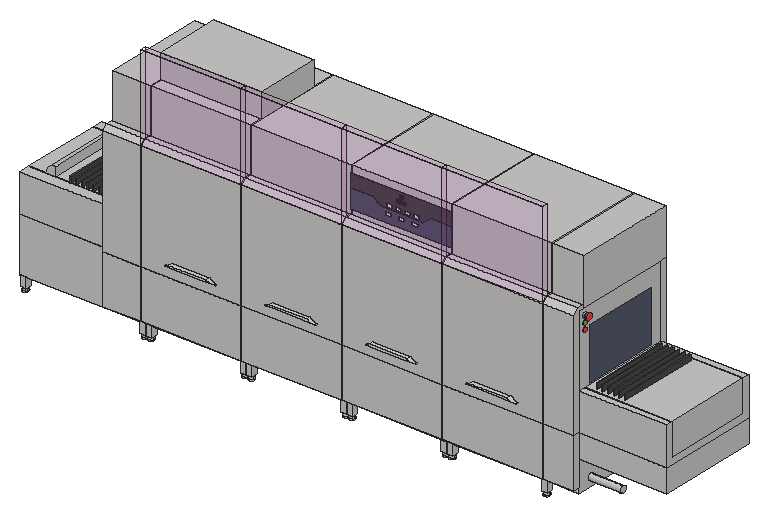
Revit family "QF_ELECTROLUXPROFESSIONAL_520712_EFTD064EL2U1D1M5R385", category Attrezzature speciali, Revit 2020
Family settings
  Quota connettore circolare = Usa diametro
  Tipo di parte = Normale
  Basato su piano di lavoro = No
  Sempre verticale = Sì
  Taglio con vuoti quando caricato = No
  Condiviso = No
  Punto di calcolo locali = No
Parameters (values of type "Standard")
  Weight = 1100.00 kg
  Watts = 48500 W
  Volts = 380 V
  URL Manufacturer = "https://www.electroluxprofessional.com/"
  URL = "https://www.electroluxprofessional.com/"
  Steam Supply Size = 0 mm
  Steam Supply Minimum Pressure = 0.0 Pa
  Steam Supply Maximum Pressure = 0.0 Pa
  Steam Consumption per Hour = 0
  Show Logo [instance] = yes
  Show Clearance [instance] = yes
  Refrigeration Suction Line Size = 0 mm
  Refrigeration Liquid Line Size = 0 mm
  Refrigerant Compressor Remote = yes
  Prospetto di default = 0 mm
  Produttore = "Electrolux Professional"
  Phase = 3
  Modello = "EFTD064EL2U1D1M5R385"
  Length Actual = 5150 mm  # constant formula
  Item Number = "520712"
  Hot Water Size = 0 mm
  Height Actual = 1983 mm  # constant formula
  HP = "65 HP"
  Gas Size = 0 mm
  Gas KW = 0
  Gas Input Pressure = 0 W
  Direct Waste Size = 50.8 mm
  Descrizione = "FT, EFT,2Tanks, 6400D/H, El., 950mm loading, 1000mm unloading, 1Dryer, 55mm conveyor,R>L,380V50Hz3P"
  Depth Actual = 946 mm  # constant formula
  Cycle = 50 Hz
  Condensate Return Size = 0 mm
  Compressed Air Volume = 0.0 L/s
  Compressed Air Size = 0 mm
  Compressed Air Pressure = 0.0 Pa
  Cold Water Size = 0 mm
  Accessory = yes
Reference planes
  plane 1 "Centro (Fronte/Retro)": y = 0
  plane 2: z = 0
  plane 3 "Centro (Sinistra/Destra)": x = 0
  plane 4: z = 115
Forms (mm)
  Extrusion 1, solid, material "QF_Finishes_Stainless Steel"
    sketch origin (2282.404, 2, 1806.023) x (1, 0, 0) y (0, 0, 1)
      loop
        line (407.596, -163.023) -> (407.596, -183.023) -> (427.596, -183.023) -> (427.596, -163.023) -> (407.596, -163.023)
    from 0 to 2
  Extrusion 2, solid, material "QF_Finishes_Stainless Steel"
    sketch origin (-5.617, 22.464, 1290.159) x (0, 0, -1) y (0, 1, 0)
      loop
        circle (1102.159, -772.464) r 25
    from -9.383 to 5.617
  Extrusion 3, solid, material "QF_Finishes_Stainless Steel"
    sketch origin (2942.404, 2, 337.984) x (1, 0, 0) y (0, 0, 1)
      loop
        line (407.596, -163.023) -> (407.596, -183.023) -> (427.596, -183.023) -> (427.596, -163.023) -> (407.596, -163.023)
    from 0 to 2
  Extrusion 4, solid, material "QF_Finishes_Stainless Steel"
    sketch origin (347.841, 200.464, 109.383) x (1, 0, 0) y (0, 1, 0)
      loop
        circle (1102.159, -772.464) r 10
    from -9.383 to 5.617
  Extrusion 5, solid, material "QF_Finishes_Stainless Steel"
    sketch origin (418.841, 200.464, 109.383) x (1, 0, 0) y (0, 1, 0)
      loop
        circle (1102.159, -772.464) r 10
    from -9.383 to 5.617
  Extrusion 6, solid, material "QF_Finishes_Stainless Steel"
    sketch origin (4705.617, -1522.464, 1290.159) x (0, 0, -1) y (0, -1, 0)
      loop
        circle (1102.159, -772.464) r 25
    from -9.383 to 255.617
Dimensions and locks
  plane 4 to level = 115 mm
  aligned and locked: level to plane 2
Nested families
  nested 1: "MODULO_CENTER_800_FAN" at (1383.563, -388.258, 0), Show Clearance <- "Show Clearance", type "MODULO_CENTER_800_FAN"
    with Show Logo yes, Show Clearance yes, R_L no, L_R yes
  nested 2: "MODULO_CENTER_800" at (2983.563, -388.258, 0), Show Clearance <- "Show Clearance", type "MODULO_CENTER_800"
    with Show Logo yes, Show Clearance yes, R_L no, L_R yes
  nested 3: "MODULO_ENTRY_DISH_950" at (4591.437, -523.742, 0) x (-1, 0, 0) z (0, 0, 1), type "MODULO_ENTRY_DISH_950"
    with Show Logo yes, Show Clearance yes, R_L yes, L_R no
  nested 4: "MODULO_USCITA_DISH_1000" at (641.437, -523.742, 0) x (-1, 0, 0) z (0, 0, 1), type "MODULO_USCITA_DISH_1000"
    with Show Logo yes, Show Clearance yes, R_L no, L_R yes
  nested 5: "Piedino_Square_115H" at (23.5, -838.5, 0), type "Piedino_Square_115H"
  nested 6: "Piedino_Square_115H" at (23.5, -73.5, 0), type "Piedino_Square_115H"
  nested 7: "Piedino_Square_115H" at (976.5, -838.5, 0), type "Piedino_Square_115H"
  nested 8: "Piedino_Square_115H" at (976.5, -73.5, 0), type "Piedino_Square_115H"
  nested 9: "Piedino_Square_115H" at (1023.5, -838.5, 0), type "Piedino_Square_115H"
  nested 10: "Piedino_Square_115H" at (1023.5, -73.5, 0), type "Piedino_Square_115H"
  nested 11: "Piedino_Square_115H" at (1776.5, -838.5, 0), type "Piedino_Square_115H"
  nested 12: "Piedino_Square_115H" at (1776.5, -73.5, 0), type "Piedino_Square_115H"
  nested 13: "Piedino_Square_115H" at (1823.5, -838.5, 0) x (-1, 0, 0) z (0, 0, 1), type "Piedino_Square_115H"
  nested 14: "Piedino_Square_115H" at (1823.5, -73.5, 0) x (-1, 0, 0) z (0, 0, 1), type "Piedino_Square_115H"
  nested 15: "Piedino_Square_115H" at (2576.5, -838.5, 0) x (-1, 0, 0) z (0, 0, 1), type "Piedino_Square_115H"
  nested 16: "Piedino_Square_115H" at (2576.5, -73.5, 0) x (-1, 0, 0) z (0, 0, 1), type "Piedino_Square_115H"
  nested 17: "Piedino_Square_115H" at (2623.5, -838.5, 0), type "Piedino_Square_115H"
  nested 18: "Piedino_Square_115H" at (2623.5, -73.5, 0), type "Piedino_Square_115H"
  nested 19: "Piedino_Square_115H" at (3376.5, -838.5, 0), type "Piedino_Square_115H"
  nested 20: "Piedino_Square_115H" at (3376.5, -73.5, 0), type "Piedino_Square_115H"
  nested 21: "MANIGLIA_FLIGHT_400" at (3000, -912, 639.28) x (1, 0, 0) z (0, -1, 0), type "MANIGLIA_FLIGHT_400"
  nested 22: "MANIGLIA_FLIGHT_400" at (2200, -912, 639.28) x (1, 0, 0) z (0, -1, 0), type "MANIGLIA_FLIGHT_400"
  nested 23: "MANIGLIA_FLIGHT_400" at (1400, -912, 639.28) x (1, 0, 0) z (0, -1, 0), type "MANIGLIA_FLIGHT_400"
  nested 24: "Schermo_Flight_800" at (3000, -815, 1583) x (1, 0, 0) z (0, -1, 0), type "Schermo_Flight_800"
  nested 25: "ELX_LOGO_WORDS_WHITE" at (3000, -816.6, 1663) x (1, 0, 0) z (0, -1, 0), Show Logo <- "Show Logo", visible <- "Show Logo", type "ELX_LOGO_WORDS_WHITE"
    with Show Logo yes
  nested 26: "ELX_LOGO_MONO_SMALL_WHITE" at (2990.08, -816.6, 1649) x (-1, 0, 0) z (0, -1, 0), Show Logo <- "Show Logo", visible <- "Show Logo", type "ELX_LOGO_MONO_SMALL_WHITE"
    with Show Logo yes
  nested 27: "MODULO_CENTER_800" at (2216.437, -388.258, 0) x (-1, 0, 0) z (0, 0, 1), Show Clearance <- "Show Clearance", type "MODULO_CENTER_800"
    with Show Logo yes, Show Clearance yes, R_L no, L_R yes
  nested 28: "Piedino_Square_115H" at (4176.5, -838.5, 0), type "Piedino_Square_115H"
  nested 29: "Piedino_Square_115H" at (4176.5, -73.5, 0), type "Piedino_Square_115H"
  nested 30: "Piedino_Square_115H" at (3423.5, -838.5, 0), type "Piedino_Square_115H"
  nested 31: "Piedino_Square_115H" at (3423.5, -73.5, 0), type "Piedino_Square_115H"
  nested 32: "MANIGLIA_FLIGHT_400" at (3800, -912, 639.28) x (-1, 0, 0) z (0, -1, 0), type "MANIGLIA_FLIGHT_400"
  nested 33: "MODULO_CENTER_800" at (3783.563, -388.258, 0), Show Clearance <- "Show Clearance", type "MODULO_CENTER_800"
    with Show Logo yes, Show Clearance yes, R_L no, L_R yes
Connectors
  electrical at (2700, 2, 1633)
    settings: on Extrusion 1, index 69, voltage 0 V, apparent load 0 VA, apparent load phase1 0 VA, apparent load phase2 0 VA, apparent load phase3 0 VA, power factor 1, load classification "Altro", number of poles 1, system type 30, power factor state 1, is connector primary yes, connector utility no, sub classification motor no, connector description "EI"
  piping at (-15, -750, 188), diameter 50
    settings: on Extrusion 2, index 70, connector inside diameter 609.6 mm, connector length 0 mm, flow factor 0, pipe flow 0.0 L/s, pressure drop 0.0 Pa, fitting loss kfactor 0, connector angle 0.00°, fixture units 0, engagement length 0 mm, angle of deflection 0.00°, flow configuration 0, flow direction 0, fitting loss method 0, system type 29, joint type 0, gender type 0, connector reference index -1, connector utility 0, adjustable connector no, is connector primary yes, connector description "D"
  electrical at (3360, 2, 164.961)
    settings: on Extrusion 3, index 71, voltage 0 V, apparent load 0 VA, apparent load phase1 0 VA, apparent load phase2 0 VA, apparent load phase3 0 VA, power factor 1, load classification "Altro", number of poles 1, system type 30, power factor state 1, is connector primary no, connector utility no, sub classification motor no, connector description "EQ"
  piping at (1450, -572, 100), diameter 19.1
    settings: on Extrusion 4, index 72, connector inside diameter 609.6 mm, connector length 0 mm, flow factor 0, pipe flow 0.0 L/s, pressure drop 0.0 Pa, fitting loss kfactor 0, connector angle 0.00°, fixture units 0, engagement length 0 mm, angle of deflection 0.00°, flow configuration 0, flow direction 0, fitting loss method 0, system type 29, joint type 0, gender type 0, connector reference index -1, connector utility 0, adjustable connector no, is connector primary no, connector description "HWI/CWI"
  piping at (1521, -572, 100), diameter 19.1
    settings: on Extrusion 5, index 73, connector inside diameter 609.6 mm, connector length 0 mm, flow factor 0, pipe flow 0.0 L/s, pressure drop 0.0 Pa, fitting loss kfactor 0, connector angle 0.00°, fixture units 0, engagement length 0 mm, angle of deflection 0.00°, flow configuration 0, flow direction 0, fitting loss method 0, system type 29, joint type 0, gender type 0, connector reference index -1, connector utility 0, adjustable connector no, is connector primary no, connector description "HWI/CWI"
  piping at (4715, -750, 188), diameter 50
    settings: on Extrusion 6, index 74, connector inside diameter 609.6 mm, connector length 0 mm, flow factor 0, pipe flow 0.0 L/s, pressure drop 0.0 Pa, fitting loss kfactor 0, connector angle 0.00°, fixture units 0, engagement length 0 mm, angle of deflection 0.00°, flow configuration 0, flow direction 0, fitting loss method 0, system type 29, joint type 0, gender type 0, connector reference index -1, connector utility 0, adjustable connector no, is connector primary no, connector description ""
Definition of nested family "MODULO_CENTER_800_FAN"
  Parameters (values of type "MODULO_CENTER_800_FAN")
    URL = "http://professional.electrolux.com"
    Show Logo [instance] = yes
    R_L [instance] = not(L_R)  # no
    Default Elevation = 0 mm
    Manufacturer = "Electrolux"
    Model = "ESR10E5"
    Length Actual = 800 mm
    Show Clearance [instance] = yes
    L_R [instance] = yes
    Height Actual = 1792 mm
    Description = "SINGLE RINSE RT, 100R/H, ELECTRIC 50HZ"
    Depth Actual = 912 mm
  Reference planes
    plane 1 "Center X": y = -67.742
    plane 2: z = 0
    plane 3 "LEFT": x = -383.563
    plane 4 "RIGHT": x = 416.437
    plane 5 "BACK": y = 388.258
    plane 6 "FEET": z = 115
    plane 7: z = 2092
    plane 8 "TOP": z = 1792
    plane 9 "FRONT": y = -523.742
    plane 10 "Left/Right": x = 16.437
    plane 11 "TopVent": z = 1983
  Forms (mm)
    Extrusion 1, solid
      sketch origin (416.437, 479.936, 4000) x (0, 1, 0) y (0, 0, 1)
        loop
          line (-91.678, -2208) -> (-906.678, -2208) -> (-906.678, -2580) -> (-91.678, -2580) -> (-91.678, -2208)
      from -800 to 0
    Extrusion 2, solid
      sketch origin (-383.563, 437.565, 3910) x (0, 1, 0) y (0, 0, 1)
        loop
          line (-99.307, -2490) -> (-911.307, -2490) -> (-911.307, -3552) -> (-99.307, -3552) -> (-99.307, -2490)
      from 800 to 0
    Extrusion 3, solid
      sketch origin (416.437, 479.936, 4299) x (0, 1, 0) y (0, 0, 1)
        loop
          line (-278.21, -2316) -> (-803.678, -2316) -> (-803.678, -2507) -> (-278.21, -2507) -> (-278.21, -2316)
      from -800 to 0
    Extrusion 4, solid
      sketch origin (16.437, 0, 1.5) x (0, 0, 1) y (0, -1, 0)
        loop
          line (356.5, -338.258) -> (356.5, 473.742) -> (113.5, 473.742) -> (113.5, -338.258) -> (356.5, -338.258)
      from 400 to -400
    Extrusion 5, solid
      sketch origin (16.437, 0, 0) x (0, 0, 1) y (0, -1, 0)
        loop
          line (1420, -338.258) -> (545, -338.258) -> (545, -388.258) -> (1420, -388.258) -> (1420, -338.258)
      from -400 to 400
    Extrusion 6, solid
      sketch origin (16.437, 0, 0) x (0, 0, 1) y (0, -1, 0)
        loop
          line (545, -388.258) -> (545, -338.258) -> (154, -338.258) -> (154, -388.258) -> (545, -388.258)
      from -400 to 400
    Extrusion 7, solid
      sketch origin (16.437, -882.484, -150) x (0, -1, 0) y (0, 0, 1)
        loop
          line (-358.742, 304) -> (-358.742, 695) -> (-408.742, 695) -> (-408.742, 304) -> (-358.742, 304)
      from -400 to 400
    Extrusion 8, solid
      sketch origin (16.437, -882.484, -151) x (0, -1, 0) y (0, 0, 1)
        loop
          line (-408.742, 1571) -> (-408.742, 696) -> (-358.742, 696) -> (-358.742, 1556) -> (-395.742, 1593) -> (-443.742, 1593) -> (-443.742, 1571) -> (-408.742, 1571)
      from -400 to 400
    Extrusion 9, solid, visible <- "Show Clearance"
      sketch origin (16.437, -882.484, 452) x (0, -1, 0) y (0, 0, 1)
        loop
          line (-408.742, 1640) -> (-408.742, 953.624) -> (-358.742, 953.624) -> (-358.742, 1640) -> (-408.742, 1640)
      from -400 to 400
  Dimensions and locks
    plane 3 "LEFT" to plane 4 "RIGHT" = 800 mm
    plane 5 "BACK" to plane 1 "Center X" to plane 9 "FRONT" = 456 mm, 456 mm
    plane 6 "FEET" to level = 115 mm  (x2)
    plane 6 "FEET" to plane 8 "TOP" = 1677 mm
    plane 5 "BACK" to plane 9 "FRONT" = 912 mm  (x2)
    plane 4 "RIGHT" to plane 3 "LEFT" = 800 mm
    plane 9 "FRONT" to plane 5 "BACK" = 912 mm
    level to plane 8 "TOP" = 1792 mm  (x2)
    plane 7 to level = 2092 mm
    plane 11 "TopVent" to plane 2 = 1983 mm
    plane 7 to plane 2 = 2092 mm
    Extrusion 2 to level = 1420 mm
    Extrusion 8 to level = 1442 mm
    plane 11 "TopVent" to level = 1983 mm
    aligned and locked: level to plane 2
Definition of nested family "MODULO_CENTER_800"
  Parameters (values of type "MODULO_CENTER_800")
    URL = "http://professional.electrolux.com"
    Show Logo [instance] = yes
    R_L [instance] = not(L_R)  # no
    Default Elevation = 0 mm
    Manufacturer = "Electrolux"
    Model = "ESR10E5"
    Length Actual = 800 mm
    Show Clearance [instance] = yes
    L_R [instance] = yes
    Height Actual = 1792 mm
    Description = "SINGLE RINSE RT, 100R/H, ELECTRIC 50HZ"
    Depth Actual = 912 mm
  Reference planes
    plane 1 "Center X": y = -67.742
    plane 2: z = 0
    plane 3 "LEFT": x = -383.563
    plane 4 "RIGHT": x = 416.437
    plane 5 "BACK": y = 388.258
    plane 6 "FEET": z = 115
    plane 7: z = 2092
    plane 8 "TOP": z = 1792
    plane 9 "FRONT": y = -523.742
    plane 10 "Left/Right": x = 16.437
  Forms (mm)
    Extrusion 1, solid
      sketch origin (416.437, 479.936, 4000) x (0, 1, 0) y (0, 0, 1)
        loop
          line (-91.678, -2208) -> (-906.678, -2208) -> (-906.678, -2580) -> (-91.678, -2580) -> (-91.678, -2208)
      from -800 to 0
    Extrusion 2, solid
      sketch origin (-383.563, 437.565, 3915) x (0, 1, 0) y (0, 0, 1)
        loop
          line (-99.307, -2495) -> (-911.307, -2495) -> (-911.307, -3557) -> (-99.307, -3557) -> (-99.307, -2495)
      from 800 to 0
    Extrusion 3, solid
      sketch origin (16.437, 0, 1.5) x (0, 0, 1) y (0, -1, 0)
        loop
          line (356.5, -338.258) -> (356.5, 473.742) -> (113.5, 473.742) -> (113.5, -338.258) -> (356.5, -338.258)
      from 400 to -400
    Extrusion 4, solid
      sketch origin (16.437, 0, 0) x (0, 0, 1) y (0, -1, 0)
        loop
          line (1420, -338.258) -> (545, -338.258) -> (545, -388.258) -> (1420, -388.258) -> (1420, -338.258)
      from -400 to 400
    Extrusion 5, solid
      sketch origin (16.437, 0, 0) x (0, 0, 1) y (0, -1, 0)
        loop
          line (545, -388.258) -> (545, -338.258) -> (154, -338.258) -> (154, -388.258) -> (545, -388.258)
      from -400 to 400
    Extrusion 6, solid
      sketch origin (16.437, -882.484, -150) x (0, -1, 0) y (0, 0, 1)
        loop
          line (-358.742, 304) -> (-358.742, 695) -> (-408.742, 695) -> (-408.742, 304) -> (-358.742, 304)
      from -400 to 400
    Extrusion 7, solid
      sketch origin (16.437, -882.484, -151) x (0, -1, 0) y (0, 0, 1)
        loop
          line (-408.742, 1571) -> (-408.742, 696) -> (-358.742, 696) -> (-358.742, 1556) -> (-395.742, 1593) -> (-443.742, 1593) -> (-443.742, 1571) -> (-408.742, 1571)
      from -400 to 400
    Extrusion 8, solid, visible <- "Show Clearance"
      sketch origin (16.437, -882.484, 452) x (0, -1, 0) y (0, 0, 1)
        loop
          line (-408.742, 1640) -> (-408.742, 953.624) -> (-358.742, 953.624) -> (-358.742, 1640) -> (-408.742, 1640)
      from -400 to 400
  Dimensions and locks
    plane 3 "LEFT" to plane 4 "RIGHT" = 800 mm
    plane 5 "BACK" to plane 1 "Center X" to plane 9 "FRONT" = 456 mm, 456 mm
    plane 6 "FEET" to level = 115 mm  (x2)
    plane 6 "FEET" to plane 8 "TOP" = 1677 mm
    plane 5 "BACK" to plane 9 "FRONT" = 912 mm  (x2)
    plane 4 "RIGHT" to plane 3 "LEFT" = 800 mm
    plane 9 "FRONT" to plane 5 "BACK" = 912 mm
    level to plane 8 "TOP" = 1792 mm  (x2)
    plane 7 to level = 2092 mm
    plane 7 to plane 2 = 2092 mm
    Extrusion 2 to level = 1420 mm
    Extrusion 7 to level = 1442 mm
    aligned and locked: level to plane 2
Definition of nested family "MODULO_ENTRY_DISH_950"
  Parameters (values of type "MODULO_ENTRY_DISH_950")
    URL = "http://professional.electrolux.com"
    Show Logo [instance] = yes
    R_L [instance] = not(L_R)  # no
    Default Elevation = 0 mm
    Manufacturer = "Electrolux"
    Model = "ESR10E5"
    Length Actual = 800 mm
    Show Clearance [instance] = yes
    L_R [instance] = yes
    Height Actual = 1792 mm
    Description = "SINGLE RINSE RT, 100R/H, ELECTRIC 50HZ"
    Depth Actual = 912 mm
  Reference planes
    plane 1 "Center (Front/Back)": y = -67.742
    plane 2: z = 0
    plane 3 "LEFT": x = -558.563
    plane 4 "RIGHT": x = 391.437
    plane 5 "BACK": y = 388.258
    plane 6 "FRONT": y = -523.742
    plane 7 "BUTTONS": y = -427.742
    plane 8: z = 115
    plane 9 "2": y = 292.258
  Forms (mm)
    Extrusion 1, solid, visible <- "L_R"
      sketch origin (391.437, 479.936, 4000) x (0, 1, 0) y (0, 0, 1)
        loop
          line (-91.678, -2208) -> (-906.678, -2208) -> (-906.678, -2580) -> (-91.678, -2580) -> (-91.678, -2208)
      from -250 to 0
    Extrusion 2, solid
      sketch origin (-358.563, 437.565, 3910) x (0, 1, 0) y (0, 0, 1)
        loop
          line (-99.307, -2490) -> (-911.307, -2490) -> (-911.307, -3552) -> (-99.307, -3552) -> (-99.307, -2490)
      from 750 to 500
    Extrusion 3, solid
      sketch origin (-558.563, 437.565, 3910) x (0, 1, 0) y (0, 0, 1)
        loop
          line (-99.307, -3365) -> (-99.307, -3060) -> (-149.307, -3060) -> (-149.307, -3315) -> (-861.307, -3315) -> (-861.307, -3060) -> (-911.307, -3060) -> (-911.307, -3365) -> (-99.307, -3365)
      from 700 to 0
    Extrusion 4, solid
      sketch origin (16.437, 0, -4.987) x (0, 0, 1) y (0, -1, 0)
        loop
          line (362.987, -338.258) -> (362.987, 473.742) -> (119.987, 473.742) -> (119.987, -338.258) -> (362.987, -338.258)
      from 375 to 125
    Extrusion 5, solid, visible <- "L_R"
      sketch origin (16.437, 0, 0) x (0, 0, 1) y (0, -1, 0)
        loop
          line (1420, -338.258) -> (545, -338.258) -> (545, -388.258) -> (1420, -388.258) -> (1420, -338.258)
      from 125 to 375
    Extrusion 6, solid
      sketch origin (16.437, 0, 0) x (0, 0, 1) y (0, -1, 0)
        loop
          line (545, -388.258) -> (545, -338.258) -> (154, -338.258) -> (154, -388.258) -> (545, -388.258)
      from 125 to 375
    Extrusion 7, solid
      sketch origin (-558.563, 437.565, 3607.258) x (0, 1, 0) y (0, 0, 1)
        loop
          line (-99.307, -3249.258) -> (-99.307, -3062.258) -> (-911.307, -3062.258) -> (-911.307, -3249.258) -> (-99.307, -3249.258)
      from 700 to 0
    Extrusion 8, solid
      sketch origin (-558.563, 437.565, 4000) x (0, 1, 0) y (0, 0, 1)
        loop
          line (-149.307, -3150) -> (-861.307, -3150) -> (-861.307, -3405) -> (-149.307, -3405) -> (-149.307, -3150)
      from 0 to 700
    Extrusion 9, solid
      sketch origin (266.437, -882.484, -150) x (0, -1, 0) y (0, 0, 1)
        loop
          line (-358.742, 304) -> (-358.742, 695) -> (-408.742, 695) -> (-408.742, 304) -> (-358.742, 304)
      from -125 to 125
    Extrusion 10, solid, visible <- "L_R"
      sketch origin (266.437, -882.484, -151) x (0, -1, 0) y (0, 0, 1)
        loop
          line (-408.742, 1571) -> (-408.742, 696) -> (-358.742, 696) -> (-358.742, 1556) -> (-395.742, 1593) -> (-443.742, 1593) -> (-443.742, 1571) -> (-408.742, 1571)
      from -125 to 125
    Extrusion 11, solid
      sketch origin (-358.563, 437.565, 4000) x (0, 1, 0) y (0, 0, 1)
        loop
          line (-199.307, -2725.701) -> (-811.307, -2725.701) -> (-811.307, -3137.701) -> (-199.307, -3137.701) -> (-199.307, -2725.701)
      from 495.458 to 500
    Extrusion 12, solid, visible <- "R_L"
      sketch origin (266.437, 747, -151) x (0, 1, 0) y (0, 0, -1)
        loop
          line (-408.742, -1571) -> (-443.742, -1571) -> (-443.742, -1593) -> (-395.742, -1593) -> (-358.742, -1556) -> (-358.742, -696) -> (-408.742, -696) -> (-408.742, -1571)
      from -125 to 125
    Extrusion 13, solid, visible <- "R_L"
      sketch origin (16.437, -135.484, 0) x (0, 0, 1) y (0, -1, 0)
        loop
          line (1420, 338.258) -> (1420, 388.258) -> (545, 388.258) -> (545, 338.258) -> (1420, 338.258)
      from 125 to 375
    Extrusion 14, solid, visible <- "R_L"
      sketch origin (391.437, -615.42, 4000) x (0, -1, 0) y (0, 0, -1)
        loop
          line (-91.678, 2208) -> (-91.678, 2580) -> (-906.678, 2580) -> (-906.678, 2208) -> (-91.678, 2208)
      from -250 to 0
    Extrusion 15, solid
      sketch origin (-191.477, -192.742, -3) x (-1, 0, 0) y (0, 0, 1)
        loop
          line (-26.676, 853) -> (-26.676, 898) -> (-36.676, 898) -> (-36.676, 853) -> (-26.676, 853)
      from -196 to 446
    Extrusion 16, solid
      sketch origin (-146.477, -192.742, -3) x (-1, 0, 0) y (0, 0, 1)
        loop
          line (-26.676, 853) -> (-26.676, 898) -> (-36.676, 898) -> (-36.676, 853) -> (-26.676, 853)
      from -196 to 446
    Extrusion 17, solid
      sketch origin (-101.477, -192.742, -3) x (-1, 0, 0) y (0, 0, 1)
        loop
          line (-26.676, 853) -> (-26.676, 898) -> (-36.676, 898) -> (-36.676, 853) -> (-26.676, 853)
      from -196 to 446
    Extrusion 18, solid
      sketch origin (-56.477, -192.742, -3) x (-1, 0, 0) y (0, 0, 1)
        loop
          line (-26.676, 853) -> (-26.676, 898) -> (-36.676, 898) -> (-36.676, 853) -> (-26.676, 853)
      from -196 to 446
    Extrusion 19, solid
      sketch origin (-11.477, -192.742, -3) x (-1, 0, 0) y (0, 0, 1)
        loop
          line (-26.676, 853) -> (-26.676, 898) -> (-36.676, 898) -> (-36.676, 853) -> (-26.676, 853)
      from -196 to 446
    Extrusion 20, solid
      sketch origin (33.523, -192.742, -3) x (-1, 0, 0) y (0, 0, 1)
        loop
          line (-26.676, 853) -> (-26.676, 898) -> (-36.676, 898) -> (-36.676, 853) -> (-26.676, 853)
      from -196 to 446
  Dimensions and locks
    plane 3 "LEFT" to plane 4 "RIGHT" = 950 mm
    plane 5 "BACK" to plane 1 "Center (Front/Back)" to plane 6 "FRONT" = 456 mm, 456 mm
    plane 5 "BACK" to plane 6 "FRONT" = 912 mm  (x2)
    plane 4 "RIGHT" to plane 3 "LEFT" = 950 mm  (x2)
    plane 6 "FRONT" to plane 5 "BACK" = 912 mm
    plane 8 to level = 115 mm
    Extrusion 1 to level = 1792 mm
    Extrusion 3 to level = 850 mm
    aligned and locked: level to plane 2
  Nested families
    nested 1: "BOTTONE_RED_STOP" at (141.437, -427.742, 1266.906) x (0, -1, 0) z (-1, 0, 0), visible <- "L_R", type "BOTTONE_RED_STOP"
    nested 2: "BOTTONE_EMERGENCY_STOP" at (141.437, -427.742, 1370) x (0, -1, 0) z (-1, 0, 0), visible <- "L_R", type "BOTTONE_EMERGENCY_STOP"
    nested 3: "BOTTONE_GREEN_START" at (141.437, -427.742, 1316.906) x (0, -1, 0) z (-1, 0, 0), visible <- "L_R", type "BOTTONE_GREEN_START"
    nested 4: "BOTTONE_RED_STOP" at (141.437, 292.258, 1267.906) x (0, 1, 0) z (-1, 0, 0), visible <- "R_L", type "BOTTONE_RED_STOP"
    nested 5: "BOTTONE_EMERGENCY_STOP" at (141.437, 292.258, 1371) x (0, 1, 0) z (-1, 0, 0), visible <- "R_L", type "BOTTONE_EMERGENCY_STOP"
    nested 6: "BOTTONE_GREEN_START" at (141.437, 292.258, 1317.906) x (0, 1, 0) z (-1, 0, 0), visible <- "R_L", type "BOTTONE_GREEN_START"
  Definition of nested family "BOTTONE_RED_STOP"
    Parameters (values of type "BOTTONE_RED_STOP")
      Default Elevation = 1219.2 mm
    Reference planes
      plane 1 "Centro (Fronte/Retro)": y = 0
      plane 2: z = 0
      plane 3 "Centro (Sinistra/Destra)": x = 0
    Forms (mm)
      Extrusion 1, solid
        sketch origin (0, 0, 0) x (1, 0, 0) y (0, 1, 0)
          loop
            line (-1219.2, 1219.2) -> (-1219.2, -1219.2) -> (1219.2, -1219.2) -> (1219.2, 1219.2) -> (-1219.2, 1219.2)
        from 0 to -304.8
      Extrusion 2, solid
        sketch origin (-367.513, 69.533, 15) x (-1, 0, 0) y (0, 1, 0)
          loop
            circle (-367.513, -69.533) r 15
        from 0 to 15
    Dimensions and locks
      aligned and locked: plane 2 to Extrusion 1
      aligned and locked: level to Extrusion 1
  Definition of nested family "BOTTONE_EMERGENCY_STOP"
    Parameters
      Default Elevation = 1219.2 mm
    Reference planes
      plane 1 "Centro (Fronte/Retro)": y = 0
      plane 2: z = 0
      plane 3 "Centro (Sinistra/Destra)": x = 0
    Forms (mm)
      Extrusion 1, solid
        sketch origin (0, 0, 0) x (1, 0, 0) y (0, 1, 0)
          loop
            line (-1219.2, 1219.2) -> (-1219.2, -1219.2) -> (1219.2, -1219.2) -> (1219.2, 1219.2) -> (-1219.2, 1219.2)
        from 0 to -304.8
      Extrusion 2, solid
        sketch origin (0, 0, 0) x (1, 0, 0) y (0, 1, 0)
          loop
            circle (0, 0) r 15
        from 0 to 20.273
      Blend 3, solid
        base sketch origin (-49.801, 0, 0) x (1, 0, 0) y (0, 1, 0)
          loop
            circle (49.801, 0) r 15
        top sketch origin (-49.801, 0, 0) x (1, 0, 0) y (0, 1, 0)
          loop
            circle (49.801, 0) r 25
        from 20.273 to 47.605
    Dimensions and locks
      aligned and locked: plane 2 to Extrusion 1
      aligned and locked: level to Extrusion 1
  Definition of nested family "BOTTONE_GREEN_START"
    Parameters (values of type "BOTTONE_GREEN_START")
      Default Elevation = 1219.2 mm
    Reference planes
      plane 1 "Centro (Fronte/Retro)": y = 0
      plane 2: z = 0
      plane 3 "Centro (Sinistra/Destra)": x = 0
    Forms (mm)
      Extrusion 1, solid
        sketch origin (0, 0, 0) x (1, 0, 0) y (0, 1, 0)
          loop
            line (-1219.2, 1219.2) -> (-1219.2, -1219.2) -> (1219.2, -1219.2) -> (1219.2, 1219.2) -> (-1219.2, 1219.2)
        from 0 to -304.8
      Extrusion 2, solid
        sketch origin (-367.513, 69.533, 15) x (-1, 0, 0) y (0, 1, 0)
          loop
            circle (-367.513, -69.533) r 15
        from 0 to 15
    Dimensions and locks
      aligned and locked: plane 2 to Extrusion 1
      aligned and locked: level to Extrusion 1
Definition of nested family "MODULO_USCITA_DISH_1000"
  Parameters (values of type "MODULO_USCITA_DISH_1000")
    URL = "http://professional.electrolux.com"
    Show Logo [instance] = yes
    R_L [instance] = not(L_R)  # yes
    Default Elevation = 0 mm
    Manufacturer = "Electrolux"
    Model = "ESR10E5"
    Length Actual = 800 mm
    Show Clearance [instance] = yes
    L_R [instance] = no
    Height Actual = 1792 mm
    Description = "SINGLE RINSE RT, 100R/H, ELECTRIC 50HZ"
    Depth Actual = 912 mm
  Reference planes
    plane 1 "Center (Front/Back)": y = -67.742
    plane 2: z = 0
    plane 3 "LEFT": x = -358.563
    plane 4 "BACK": y = 388.258
    plane 5 "FEET": z = 115
    plane 6 "TOP": z = 1792
    plane 7 "FRONT": y = -523.742
    plane 8 "Left/Right": x = 16.437
    plane 9: x = -358.563
    plane 10: y = -427.742
    plane 11 "RIGHT": x = 641.437
  Forms (mm)
    Extrusion 1, solid, visible <- "R_L"
      sketch origin (-358.563, 479.936, 4003) x (0, 1, 0) y (0, 0, -1)
        loop
          line (-91.678, 2211) -> (-91.678, 2583) -> (-906.678, 2583) -> (-906.678, 2211) -> (-91.678, 2211)
      from -300 to 0
    Extrusion 2, solid
      sketch origin (-358.563, 437.565, 4003) x (0, 1, 0) y (0, 0, 1)
        loop
          line (-99.307, -3458) -> (-911.307, -3458) -> (-911.307, -3888) -> (-99.307, -3888) -> (-99.307, -3458)
      from 300 to 0
    Extrusion 3, solid
      sketch origin (-358.563, 479.936, 4003) x (0, 1, 0) y (0, 0, -1)
        loop
          line (-141.678, 2583) -> (-141.678, 3458) -> (-953.678, 3458) -> (-953.678, 2583) -> (-141.678, 2583)
      from -300 to 0
    Extrusion 4, solid
      sketch origin (391.437, 437.565, 3913) x (0, 1, 0) y (0, 0, -1)
        loop
          line (-99.307, 3368) -> (-911.307, 3368) -> (-911.307, 3063) -> (-826.307, 3063) -> (-826.307, 3318) -> (-184.307, 3318) -> (-184.307, 3063) -> (-99.307, 3063) -> (-99.307, 3368)
      from 450 to -250
    Extrusion 5, solid, visible <- "R_L"
      sketch origin (16.437, 0, 3) x (0, 0, 1) y (0, 1, 0)
        loop
          line (1417, 338.258) -> (1417, 388.258) -> (542, 388.258) -> (542, 338.258) -> (1417, 338.258)
      from 75 to 375
    Extrusion 6, solid
      sketch origin (16.437, 0, 3) x (0, 0, 1) y (0, 1, 0)
        loop
          line (542, 388.258) -> (151, 388.258) -> (151, 338.258) -> (542, 338.258) -> (542, 388.258)
      from 75 to 375
    Extrusion 7, solid
      sketch origin (391.437, 437.565, 3610.258) x (0, 1, 0) y (0, 0, -1)
        loop
          line (-99.307, 3495.258) -> (-911.307, 3495.258) -> (-911.307, 3065.258) -> (-99.307, 3065.258) -> (-99.307, 3495.258)
      from 450 to -250
    Extrusion 8, solid
      sketch origin (641.437, 0, 3) x (0, 1, 0) y (0, 0, 1)
        loop
          line (253.258, 847) -> (-388.742, 847) -> (-388.742, 592) -> (253.258, 592) -> (253.258, 847)
      from 0 to -700
    Extrusion 9, solid
      sketch origin (-358.563, 437.565, 3928) x (0, 1, 0) y (0, 0, 1)
        loop
          line (-811.307, -3065.701) -> (-199.307, -3065.701) -> (-199.307, -2653.701) -> (-811.307, -2653.701) -> (-811.307, -3065.701)
      from 300 to 304.77
    Extrusion 10, solid
      sketch origin (-208.563, -115, -147) x (0, 1, 0) y (0, 0, 1)
        loop
          line (-358.742, 301) -> (-358.742, 692) -> (-408.742, 692) -> (-408.742, 301) -> (-358.742, 301)
      from -150 to 150
    Extrusion 11, solid, visible <- "R_L"
      sketch origin (-208.563, -882.484, -151) x (0, -1, 0) y (0, 0, 1)
        loop
          line (-408.742, 1571) -> (-408.742, 696) -> (-358.742, 696) -> (-358.742, 1556) -> (-395.742, 1593) -> (-443.742, 1593) -> (-443.742, 1571) -> (-408.742, 1571)
      from -150 to 150
    Extrusion 12, solid
      sketch origin (-39.574, -192.742, -3) x (-1, 0, 0) y (0, 0, 1)
        loop
          line (-26.676, 853) -> (-26.676, 898) -> (-36.676, 898) -> (-36.676, 853) -> (-26.676, 853)
      from -196 to 446
    Extrusion 13, solid
      sketch origin (5.426, -192.742, -3) x (-1, 0, 0) y (0, 0, 1)
        loop
          line (-26.676, 853) -> (-26.676, 898) -> (-36.676, 898) -> (-36.676, 853) -> (-26.676, 853)
      from -196 to 446
    Extrusion 14, solid
      sketch origin (50.426, -192.742, -3) x (-1, 0, 0) y (0, 0, 1)
        loop
          line (-26.676, 853) -> (-26.676, 898) -> (-36.676, 898) -> (-36.676, 853) -> (-26.676, 853)
      from -196 to 446
    Extrusion 15, solid
      sketch origin (95.426, -192.742, -3) x (-1, 0, 0) y (0, 0, 1)
        loop
          line (-26.676, 853) -> (-26.676, 898) -> (-36.676, 898) -> (-36.676, 853) -> (-26.676, 853)
      from -196 to 446
    Extrusion 16, solid
      sketch origin (140.426, -192.742, -3) x (-1, 0, 0) y (0, 0, 1)
        loop
          line (-26.676, 853) -> (-26.676, 898) -> (-36.676, 898) -> (-36.676, 853) -> (-26.676, 853)
      from -196 to 446
    Extrusion 17, solid
      sketch origin (185.426, -192.742, -3) x (-1, 0, 0) y (0, 0, 1)
        loop
          line (-26.676, 853) -> (-26.676, 898) -> (-36.676, 898) -> (-36.676, 853) -> (-26.676, 853)
      from -196 to 446
    Extrusion 18, solid
      sketch origin (230.426, -192.742, -3) x (-1, 0, 0) y (0, 0, 1)
        loop
          line (-26.676, 853) -> (-26.676, 898) -> (-36.676, 898) -> (-36.676, 853) -> (-26.676, 853)
      from -196 to 446
    Extrusion 19, solid
      sketch origin (275.426, -192.742, -3) x (-1, 0, 0) y (0, 0, 1)
        loop
          line (-26.676, 853) -> (-26.676, 898) -> (-36.676, 898) -> (-36.676, 853) -> (-26.676, 853)
      from -196 to 446
    Revolve 20, solid
      sketch origin (0, 0, 850) x (1, 0, 0) y (0, 1, 0)
        loop
          line (430.204, 253.258) -> (430.204, -388.742) -> (502.335, -388.742) -> (502.335, 253.258) -> (430.204, 253.258)
        axis (430.204, 253.258) -> (430.204, -388.742)
      angle from 0 to -90
    Extrusion 21, solid, visible <- "L_R"
      sketch origin (-208.563, 747, -151) x (0, 1, 0) y (0, 0, -1)
        loop
          line (-408.742, -1571) -> (-443.742, -1571) -> (-443.742, -1593) -> (-395.742, -1593) -> (-358.742, -1556) -> (-358.742, -696) -> (-408.742, -696) -> (-408.742, -1571)
      from -150 to 150
    Extrusion 22, solid, visible <- "L_R"
      sketch origin (16.437, -135.484, 3) x (0, 0, 1) y (0, 1, 0)
        loop
          line (1417, -338.258) -> (542, -338.258) -> (542, -388.258) -> (1417, -388.258) -> (1417, -338.258)
      from 75 to 375
    Extrusion 23, solid, visible <- "L_R"
      sketch origin (-358.563, -615.42, 4003) x (0, -1, 0) y (0, 0, 1)
        loop
          line (-91.678, -2211) -> (-906.678, -2211) -> (-906.678, -2583) -> (-91.678, -2583) -> (-91.678, -2211)
      from -300 to 0
  Dimensions and locks
    plane 4 "BACK" to plane 1 "Center (Front/Back)" to plane 7 "FRONT" = 456 mm, 456 mm
    plane 5 "FEET" to level = 115 mm  (x2)
    plane 4 "BACK" to plane 7 "FRONT" = 912 mm  (x2)
    plane 7 "FRONT" to plane 4 "BACK" = 912 mm
    level to plane 6 "TOP" = 1792 mm
    plane 3 "LEFT" to plane 8 "Left/Right" = 375 mm
    plane 8 "Left/Right" to plane 11 "RIGHT" = 625 mm
    plane 3 "LEFT" to plane 11 "RIGHT" = 1000 mm
    plane 9 to plane 11 "RIGHT" = 1000 mm
    plane 6 "TOP" to level = 1792 mm
    aligned and locked: level to plane 2
  Nested families
    nested 1: "BOTTONE_EMERGENCY_STOP" at (-58.563, -427.742, 1369) x (0, -1, 0) z (1, 0, 0), visible <- "R_L", type "BOTTONE_EMERGENCY_STOP"
    nested 2: "BOTTONE_GREEN_START" at (-58.563, -427.742, 1315.906) x (0, -1, 0) z (1, 0, 0), visible <- "R_L", type "BOTTONE_GREEN_START"
    nested 3: "BOTTONE_RED_STOP" at (-58.563, -427.742, 1265.906) x (0, -1, 0) z (1, 0, 0), visible <- "R_L", type "BOTTONE_RED_STOP"
    nested 4: "BOTTONE_EMERGENCY_STOP" at (-58.563, 292.258, 1369) x (0, 1, 0) z (1, 0, 0), visible <- "L_R", type "BOTTONE_EMERGENCY_STOP"
    nested 5: "BOTTONE_GREEN_START" at (-58.563, 292.258, 1315.906) x (0, 1, 0) z (1, 0, 0), visible <- "L_R", type "BOTTONE_GREEN_START"
    nested 6: "BOTTONE_RED_STOP" at (-58.563, 292.258, 1265.906) x (0, 1, 0) z (1, 0, 0), visible <- "L_R", type "BOTTONE_RED_STOP"
  Definition of nested family "BOTTONE_EMERGENCY_STOP"
    Parameters
      Default Elevation = 1219.2 mm
    Reference planes
      plane 1 "Centro (Fronte/Retro)": y = 0
      plane 2: z = 0
      plane 3 "Centro (Sinistra/Destra)": x = 0
    Forms (mm)
      Extrusion 1, solid
        sketch origin (0, 0, 0) x (1, 0, 0) y (0, 1, 0)
          loop
            line (-1219.2, 1219.2) -> (-1219.2, -1219.2) -> (1219.2, -1219.2) -> (1219.2, 1219.2) -> (-1219.2, 1219.2)
        from 0 to -304.8
      Extrusion 2, solid
        sketch origin (0, 0, 0) x (1, 0, 0) y (0, 1, 0)
          loop
            circle (0, 0) r 15
        from 0 to 20.273
      Blend 3, solid
        base sketch origin (-49.801, 0, 0) x (1, 0, 0) y (0, 1, 0)
          loop
            circle (49.801, 0) r 15
        top sketch origin (-49.801, 0, 0) x (1, 0, 0) y (0, 1, 0)
          loop
            circle (49.801, 0) r 25
        from 20.273 to 47.605
    Dimensions and locks
      aligned and locked: plane 2 to Extrusion 1
      aligned and locked: level to Extrusion 1
  Definition of nested family "BOTTONE_GREEN_START"
    Parameters (values of type "BOTTONE_GREEN_START")
      Default Elevation = 1219.2 mm
    Reference planes
      plane 1 "Centro (Fronte/Retro)": y = 0
      plane 2: z = 0
      plane 3 "Centro (Sinistra/Destra)": x = 0
    Forms (mm)
      Extrusion 1, solid
        sketch origin (0, 0, 0) x (1, 0, 0) y (0, 1, 0)
          loop
            line (-1219.2, 1219.2) -> (-1219.2, -1219.2) -> (1219.2, -1219.2) -> (1219.2, 1219.2) -> (-1219.2, 1219.2)
        from 0 to -304.8
      Extrusion 2, solid
        sketch origin (-367.513, 69.533, 15) x (-1, 0, 0) y (0, 1, 0)
          loop
            circle (-367.513, -69.533) r 15
        from 0 to 15
    Dimensions and locks
      aligned and locked: plane 2 to Extrusion 1
      aligned and locked: level to Extrusion 1
  Definition of nested family "BOTTONE_RED_STOP"
    Parameters (values of type "BOTTONE_RED_STOP")
      Default Elevation = 1219.2 mm
    Reference planes
      plane 1 "Centro (Fronte/Retro)": y = 0
      plane 2: z = 0
      plane 3 "Centro (Sinistra/Destra)": x = 0
    Forms (mm)
      Extrusion 1, solid
        sketch origin (0, 0, 0) x (1, 0, 0) y (0, 1, 0)
          loop
            line (-1219.2, 1219.2) -> (-1219.2, -1219.2) -> (1219.2, -1219.2) -> (1219.2, 1219.2) -> (-1219.2, 1219.2)
        from 0 to -304.8
      Extrusion 2, solid
        sketch origin (-367.513, 69.533, 15) x (-1, 0, 0) y (0, 1, 0)
          loop
            circle (-367.513, -69.533) r 15
        from 0 to 15
    Dimensions and locks
      aligned and locked: plane 2 to Extrusion 1
      aligned and locked: level to Extrusion 1
Definition of nested family "Piedino_Square_115H"
  Parameters (values of type "Piedino_Square_115H")
    Default Elevation = 0 mm
  Reference planes
    plane 1 "Centro (Fronte/Retro)": y = 0
    plane 2: z = 0
    plane 3 "Centro (Sinistra/Destra)": x = 0
    plane 4: z = 115
  Forms (mm)
    Extrusion 1, solid
      sketch origin (0, 0, 0) x (1, 0, 0) y (0, 1, 0)
        loop
          circle (0, 0) r 23
      from 0 to 5
    Extrusion 2, solid
      sketch origin (0, 0, 5) x (1, 0, 0) y (0, 1, 0)
        loop
          circle (0, 0) r 20
      from 0 to 25.777
    Extrusion 3, solid
      sketch origin (0, 0, 30.777) x (1, 0, 0) y (0, 1, 0)
        loop
          line (-23.5, 23.5) -> (-23.5, -23.5) -> (23.5, -23.5) -> (23.5, 23.5) -> (-23.5, 23.5)
      from 0 to 84.223
  Dimensions and locks
    plane 4 to level = 115 mm  (x2)
    radius of Extrusion 1 sketch curve = 23 mm
    aligned and locked: level to plane 2
    aligned and locked: Extrusion 1 to level
Definition of nested family "MANIGLIA_FLIGHT_400"
  Parameters
    Default Elevation = 1219.2 mm
  Reference planes
    plane 1 "Centro (Fronte/Retro)": y = 0
    plane 2: z = 0
    plane 3 "Centro (Sinistra/Destra)": x = 0
  Forms (mm)
    Extrusion 1, solid
      sketch origin (0, 0, 0) x (1, 0, 0) y (0, 1, 0)
        loop
          line (-1219.2, 1219.2) -> (-1219.2, -1219.2) -> (1219.2, -1219.2) -> (1219.2, 1219.2) -> (-1219.2, 1219.2)
      from 0 to -304.8
    Extrusion 2, solid
      sketch origin (-503, 656.113, -50) x (-1, 0, 0) y (0, 1, 0)
        loop
          line (-651.038, -638.613) -> (-703, -668.613) -> (-703, -673.613) -> (-658.503, -673.613) -> (-623.862, -653.613) -> (-382.138, -653.613) -> (-347.497, -673.613) -> (-303, -673.613) -> (-303, -668.613) -> (-354.962, -638.613) -> (-651.038, -638.613)
      from -86.258 to -50
    Extrusion 3, void
      sketch origin (0, -681.887, 358.742) x (0, 0, 1) y (0, 1, 0)
        loop
          line (-322.484, 684.387) -> (-353.281, 664.387) -> (-322.484, 664.387) -> (-322.484, 684.387)
      from -200 to 200
  Cuts and joins
    Extrusion 3 cuts Extrusion 2
  Dimensions and locks
    cut or joined group of Extrusion 2, Extrusion 3 to cut or joined group of Extrusion 2, Extrusion 3 = 400 mm
    cut or joined group of Extrusion 2, Extrusion 3 to cut or joined group of Extrusion 2, Extrusion 3 = 35 mm
    aligned and locked: plane 2 to Extrusion 1
    aligned and locked: level to Extrusion 1
Definition of nested family "Schermo_Flight_800"
  Parameters (values of type "Schermo_Flight_800")
    Default Elevation = 1219.2 mm
  Reference planes
    plane 1 "Center (Front/Back)": y = 0
    plane 2: z = 0
    plane 3 "Center (Left/Right)": x = 0
  Forms (mm)
    Extrusion 1, solid
      sketch origin (0, 0, 0) x (1, 0, 0) y (0, 1, 0)
        loop
          line (-1219.2, 1219.2) -> (-1219.2, -1219.2) -> (1219.2, -1219.2) -> (1219.2, 1219.2) -> (-1219.2, 1219.2)
      from 0 to -304.8
    Extrusion 2, solid
      sketch origin (0, -25, 0) x (1, 0, 0) y (0, 1, 0)
        loop
          line (-400, -82.94) -> (400, -82.94) -> (400, 70.507) -> (238.561, 70.507) -> (167.154, 20.507) -> (-167.154, 20.507) -> (-238.561, 70.507) -> (-400, 70.507) -> (-400, -82.94)
        loop
          line (-126.915, -7.668) -> (-126.915, -27.668) -> (-81.915, -27.668) -> (-81.915, -7.668) -> (-126.915, -7.668)
        loop
          line (-22.5, -7.668) -> (-22.5, -27.668) -> (22.5, -27.668) -> (22.5, -7.668) -> (-22.5, -7.668)
        loop
          line (126.915, -7.668) -> (81.915, -7.668) -> (81.915, -27.668) -> (126.915, -27.668) -> (126.915, -7.668)
      from 0 to 1.6
    Extrusion 3, solid
      sketch origin (0, -25, 0) x (1, 0, 0) y (0, 1, 0)
        loop
          line (-400, 177.06) -> (-400, 70.507) -> (-238.561, 70.507) -> (-167.154, 20.507) -> (167.154, 20.507) -> (238.561, 70.507) -> (400, 70.507) -> (400, 177.06) -> (-400, 177.06)
        loop
          line (-117.417, 56.68) -> (-117.417, 31.68) -> (-77.417, 31.68) -> (-77.417, 56.68) -> (-117.417, 56.68)
        loop
          line (-47.417, 56.68) -> (-47.417, 31.68) -> (-7.417, 31.68) -> (-7.417, 56.68) -> (-47.417, 56.68)
        loop
          line (27.583, 56.68) -> (27.583, 31.68) -> (67.583, 31.68) -> (67.583, 56.68) -> (27.583, 56.68)
        loop
          line (97.583, 56.68) -> (97.583, 31.68) -> (137.583, 31.68) -> (137.583, 56.68) -> (97.583, 56.68)
      from 0 to 1.6
    Extrusion 4, solid
      sketch origin (0, 0, 0) x (1, 0, 0) y (0, 1, 0)
        loop
          line (-117.417, 31.68) -> (-117.417, 6.68) -> (-77.417, 6.68) -> (-77.417, 31.68) -> (-117.417, 31.68)
        loop
          line (-47.417, 31.68) -> (-47.417, 6.68) -> (-7.417, 6.68) -> (-7.417, 31.68) -> (-47.417, 31.68)
        loop
          line (27.583, 31.68) -> (27.583, 6.68) -> (67.583, 6.68) -> (67.583, 31.68) -> (27.583, 31.68)
        loop
          line (97.583, 31.68) -> (97.583, 6.68) -> (137.583, 6.68) -> (137.583, 31.68) -> (97.583, 31.68)
        loop
          line (-126.915, -32.668) -> (-126.915, -52.668) -> (-81.915, -52.668) -> (-81.915, -32.668) -> (-126.915, -32.668)
        loop
          line (-22.5, -32.668) -> (-22.5, -52.668) -> (22.5, -52.668) -> (22.5, -32.668) -> (-22.5, -32.668)
        loop
          line (81.915, -32.668) -> (81.915, -52.668) -> (126.915, -52.668) -> (126.915, -32.668) -> (81.915, -32.668)
      from 0 to 1.6
  Dimensions and locks
    Extrusion 3 to Extrusion 3 = 800 mm
    Extrusion 2 to Extrusion 3 = 260 mm
    aligned and locked: plane 2 to Extrusion 1
    aligned and locked: level to Extrusion 1
Definition of nested family "ELX_LOGO_WORDS_WHITE"
  Parameters (values of type "ELX_LOGO_WORDS_WHITE")
    Show Logo [instance] = yes
    Default Elevation = 0 mm
  Reference planes
    plane 1 "Centro (Fronte/Retro)": y = 0
    plane 2: z = 0
    plane 3 "Centro (Sinistra/Destra)": x = 0
  Forms (mm)
    Extrusion 1, solid
      sketch origin (0, 0, 0) x (1, 0, 0) y (0, 1, 0)
        loop
          line (-1219.2, 1219.2) -> (-1219.2, -1219.2) -> (1219.2, -1219.2) -> (1219.2, 1219.2) -> (-1219.2, 1219.2)
      from 0 to -304.8
    Extrusion 2, solid, visible <- "Show Logo"
      sketch origin (0, 0, 0) x (1, 0, 0) y (0, 1, 0)
        loop
          line (-30.234, 10.561) -> (-37.67, 10.561) -> (-37.67, 1.902)
          arc (-37.67, 1.902) -> (-36.691, -0.461) -> (-34.329, -1.439) r 3.341
          line (-34.329, -1.439) -> (-30.09, -1.439) -> (-30.09, 0.503) -> (-33.845, 0.503)
          arc (-33.845, 0.503) -> (-35.079, 0.92) -> (-35.604, 2.112) r 1.615
          line (-35.604, 2.112) -> (-35.604, 3.829) -> (-30.555, 3.829) -> (-30.555, 5.779) -> (-35.604, 5.779) -> (-35.604, 8.617) -> (-30.234, 8.617) -> (-30.234, 10.561)
        loop
          line (-28.622, 10.561) -> (-28.622, -1.439) -> (-26.555, -1.439) -> (-26.555, 10.561) -> (-28.622, 10.561)
        loop
          line (16.27, 10.561) -> (16.27, -1.439) -> (18.338, -1.439) -> (18.338, 10.561) -> (16.27, 10.561)
        loop
          line (-23.137, 2.393) -> (-16.354, 2.393)
          arc (-16.354, 2.393) -> (-17.415, 6.119) -> (-21.043, 7.478) r 4.298
          arc (-21.043, 7.478) -> (-24.239, 5.857) -> (-25.151, 2.393) r 4.373
          arc (-25.151, 2.393) -> (-23.951, -0.505) -> (-21.053, -1.705) r 4.097
          arc (-21.053, -1.705) -> (-18.799, -1.372) -> (-16.908, -0.099) r 5.15
          line (-16.908, -0.099) -> (-18.133, 1.125)
          arc (-18.133, 1.125) -> (-19.74, 0.161) -> (-21.607, 0.323) r 3.039
          arc (-21.607, 0.323) -> (-22.746, 1.081) -> (-23.137, 2.393) r 2.013
        loop
          line (-23.085, 3.846) -> (-18.431, 3.846)
          arc (-18.431, 3.846) -> (-19.084, 5.22) -> (-20.519, 5.727) r 1.983
          arc (-20.519, 5.727) -> (-22.175, 5.295) -> (-23.085, 3.846) r 2.321
        loop
          line (-8.297, 4.711) -> (-6.999, 6.009)
          arc (-6.999, 6.009) -> (-8.627, 7.187) -> (-10.604, 7.539) r 4.497
          arc (-10.604, 7.539) -> (-13.621, 6.437) -> (-15.204, 3.642) r 4.652
          arc (-15.204, 3.642) -> (-12.536, -1.257) -> (-7.072, -0.127) r 4.684
          line (-7.072, -0.127) -> (-8.363, 1.163)
          arc (-8.363, 1.163) -> (-11.149, 0.242) -> (-13.145, 2.393) r 2.714
          arc (-13.145, 2.393) -> (-13.006, 4.094) -> (-11.835, 5.335) r 2.578
          arc (-11.835, 5.335) -> (-9.96, 5.621) -> (-8.297, 4.711) r 2.961
        loop
          line (-5.73, 10.561) -> (-5.73, 2.36)
          arc (-5.73, 2.36) -> (-5.551, 1.13) -> (-5.09, -0.025) r 5.301
          arc (-5.09, -0.025) -> (-3.615, -1.198) -> (-1.746, -1.445) r 3.531
          line (-1.746, -1.445) -> (-1.746, 0.492)
          arc (-1.746, 0.492) -> (-2.302, 0.534) -> (-2.82, 0.74) r 1.862
          arc (-2.82, 0.74) -> (-3.484, 1.442) -> (-3.662, 2.393) r 1.713
          line (-3.662, 2.393) -> (-3.662, 5.362) -> (-1.785, 5.362) -> (-1.785, 7.24) -> (-3.662, 7.24) -> (-3.662, 10.561) -> (-5.73, 10.561)
        loop
          arc (2.004, 3.123) -> (2.152, 3.988) -> (2.578, 4.755) r 2.607
          arc (2.578, 4.755) -> (3.817, 5.391) -> (5.208, 5.362) r 2.84
          line (5.208, 5.362) -> (5.208, 7.349)
          arc (5.208, 7.349) -> (3.39, 7.177) -> (2.004, 5.989) r 3.016
          line (2.004, 5.989) -> (2.004, 7.24) -> (-0.046, 7.24) -> (-0.046, -1.439) -> (2.004, -1.439) -> (2.004, 3.123)
        loop
          circle (10.262, 2.899) r 4.599
        loop
          circle (10.262, 2.899) r 2.787
        loop
          arc (25.793, 2.175) -> (25.283, 0.772) -> (23.898, 0.213) r 1.835
          arc (23.898, 0.213) -> (22.514, 0.772) -> (22.004, 2.175) r 1.835
          line (22.004, 2.175) -> (22.004, 7.24) -> (19.919, 7.24) -> (19.919, 2.003)
          arc (19.919, 2.003) -> (21.105, -0.701) -> (23.898, -1.659) r 3.675
          arc (23.898, -1.659) -> (26.723, -0.672) -> (27.877, 2.088) r 3.675
          line (27.877, 2.088) -> (27.877, 7.24) -> (25.793, 7.24) -> (25.793, 2.175)
        loop
          line (29.126, 7.24) -> (32.128, 3.164) -> (28.83, -1.442) -> (31.052, -1.442) -> (33.241, 1.615) -> (35.462, -1.442) -> (37.67, -1.442) -> (34.419, 3.211) -> (37.392, 7.24) -> (35.135, 7.24) -> (33.234, 4.663) -> (31.362, 7.24) -> (29.126, 7.24)
        loop
          line (-35.875, -6.414) -> (-37.523, -6.414) -> (-37.523, -10.564) -> (-36.621, -10.564) -> (-36.621, -9.135) -> (-35.625, -9.135)
          arc (-35.625, -9.135) -> (-34.509, -7.66) -> (-35.875, -6.414) r 1.372
        loop
          arc (-35.664, -8.32) -> (-35.322, -7.786) -> (-35.664, -7.253) r 0.587
          line (-35.664, -7.253) -> (-36.621, -7.253) -> (-36.621, -8.32) -> (-35.664, -8.32)
        loop
          line (-29.363, -6.414) -> (-31.04, -6.414) -> (-31.04, -10.564) -> (-30.138, -10.564) -> (-30.138, -9.135) -> (-29.265, -9.135) -> (-28.669, -10.564) -> (-27.7, -10.564) -> (-28.516, -8.814)
          arc (-28.516, -8.814) -> (-28.125, -8.347) -> (-27.994, -7.752) r 1.281
          arc (-27.994, -7.752) -> (-28.406, -6.804) -> (-29.363, -6.414) r 1.37
        loop
          line (-30.138, -7.253) -> (-30.138, -8.32) -> (-29.18, -8.32)
          arc (-29.18, -8.32) -> (-28.839, -7.786) -> (-29.18, -7.253) r 0.587
          line (-29.18, -7.253) -> (-30.138, -7.253)
        loop
          circle (-22.402, -8.489) r 2.156
        loop
          circle (-22.402, -8.489) r 1.368
        loop
          line (-16.703, -6.414) -> (-16.703, -10.564) -> (-15.823, -10.564) -> (-15.823, -9.114) -> (-14.261, -9.114) -> (-14.261, -8.184) -> (-15.823, -8.184) -> (-15.823, -7.308) -> (-14.111, -7.308) -> (-14.111, -6.414) -> (-16.703, -6.414)
        loop
          line (-10.611, -6.414) -> (-10.611, -9.216)
          arc (-10.611, -9.216) -> (-10.229, -10.166) -> (-9.284, -10.561) r 1.327
          line (-9.284, -10.561) -> (-7.945, -10.561) -> (-7.945, -9.777) -> (-9.204, -9.777)
          arc (-9.204, -9.777) -> (-9.668, -9.394) -> (-9.759, -8.799) r 0.845
          line (-9.759, -8.799) -> (-8.1, -8.799) -> (-8.1, -8.015) -> (-9.759, -8.015) -> (-9.759, -7.198) -> (-7.985, -7.198) -> (-7.985, -6.414) -> (-10.611, -6.414)
        loop
          arc (4.417, -6.94) -> (3.867, -6.489) -> (3.171, -6.345) r 1.485
          arc (3.171, -6.345) -> (2.528, -6.503) -> (2, -6.902) r 1.645
          arc (2, -6.902) -> (1.902, -7.844) -> (2.51, -8.571) r 1.217
          arc (2.51, -8.571) -> (3.021, -8.741) -> (3.506, -8.976) r 4.201
          arc (3.506, -8.976) -> (3.812, -9.337) -> (3.601, -9.761) r 0.43
          arc (3.601, -9.761) -> (3.209, -9.853) -> (2.819, -9.754) r 0.846
          arc (2.819, -9.754) -> (2.482, -9.511) -> (2.275, -9.15) r 0.983
          line (2.275, -9.15) -> (1.549, -9.489)
          arc (1.549, -9.489) -> (1.811, -9.993) -> (2.232, -10.374) r 1.595
          arc (2.232, -10.374) -> (2.71, -10.578) -> (3.227, -10.63) r 1.719
          arc (3.227, -10.63) -> (3.867, -10.503) -> (4.442, -10.197) r 2.246
          arc (4.442, -10.197) -> (4.697, -9.52) -> (4.566, -8.81) r 1.349
          arc (4.566, -8.81) -> (4.282, -8.482) -> (3.919, -8.245) r 1.564
          arc (3.919, -8.245) -> (3.46, -8.04) -> (2.99, -7.864) r 8.236
          arc (2.99, -7.864) -> (2.718, -7.441) -> (3.111, -7.128) r 0.375
          arc (3.111, -7.128) -> (3.581, -7.241) -> (3.943, -7.563) r 0.998
          line (3.943, -7.563) -> (4.417, -6.94)
        loop
          line (8.225, -6.414) -> (8.225, -10.561) -> (9.077, -10.561) -> (9.077, -6.414) -> (8.225, -6.414)
        loop
          circle (14.827, -8.488) r 1.29
        loop
          circle (14.827, -8.488) r 2.154
        loop
          line (20.548, -10.561) -> (21.409, -10.561) -> (21.409, -7.954) -> (23.306, -10.561) -> (24.135, -10.561) -> (24.135, -6.414) -> (23.274, -6.414) -> (23.274, -9.101) -> (21.377, -6.414) -> (20.548, -6.414) -> (20.548, -10.561)
        loop
          line (28.435, -10.561) -> (28.839, -9.667) -> (30.373, -9.667) -> (30.777, -10.561) -> (31.693, -10.561) -> (29.942, -6.414) -> (29.142, -6.414) -> (27.519, -10.561) -> (28.435, -10.561)
        loop
          line (29.99, -8.816) -> (29.579, -7.905) -> (29.18, -8.816) -> (29.99, -8.816)
        loop
          line (35.929, -9.777) -> (35.929, -6.414) -> (35.076, -6.414) -> (35.076, -10.561) -> (37.523, -10.561) -> (37.523, -9.777) -> (35.929, -9.777)
        loop
          arc (-1.8, -6.94) -> (-2.35, -6.489) -> (-3.046, -6.345) r 1.485
          arc (-3.046, -6.345) -> (-3.689, -6.503) -> (-4.218, -6.902) r 1.645
          arc (-4.218, -6.902) -> (-4.316, -7.844) -> (-3.708, -8.571) r 1.217
          arc (-3.708, -8.571) -> (-3.197, -8.741) -> (-2.712, -8.976) r 4.201
          arc (-2.712, -8.976) -> (-2.405, -9.337) -> (-2.616, -9.761) r 0.43
          arc (-2.616, -9.761) -> (-3.008, -9.853) -> (-3.399, -9.754) r 0.846
          arc (-3.399, -9.754) -> (-3.736, -9.511) -> (-3.942, -9.15) r 0.983
          line (-3.942, -9.15) -> (-4.668, -9.489)
          arc (-4.668, -9.489) -> (-4.407, -9.993) -> (-3.985, -10.374) r 1.595
          arc (-3.985, -10.374) -> (-3.507, -10.578) -> (-2.99, -10.63) r 1.719
          arc (-2.99, -10.63) -> (-2.351, -10.503) -> (-1.775, -10.197) r 2.246
          arc (-1.775, -10.197) -> (-1.521, -9.52) -> (-1.652, -8.81) r 1.349
          arc (-1.652, -8.81) -> (-1.936, -8.482) -> (-2.298, -8.245) r 1.564
          arc (-2.298, -8.245) -> (-2.757, -8.04) -> (-3.228, -7.864) r 8.236
          arc (-3.228, -7.864) -> (-3.5, -7.441) -> (-3.107, -7.128) r 0.375
          arc (-3.107, -7.128) -> (-2.636, -7.241) -> (-2.274, -7.563) r 0.998
          line (-2.274, -7.563) -> (-1.8, -6.94)
      from 0 to 1.644
  Dimensions and locks
    aligned and locked: plane 2 to Extrusion 1
    aligned and locked: level to Extrusion 1
Definition of nested family "ELX_LOGO_MONO_SMALL_WHITE"
  Parameters (values of type "ELX_LOGO_MONO_SMALL_WHITE")
    Show Logo [instance] = yes
    Default Elevation = 1219.2 mm
  Reference planes
    plane 1 "Center (Front/Back)": y = -49
    plane 2: z = 0
    plane 3 "Center (Left/Right)": x = -9.92
  Forms (mm)
    Extrusion 1, solid
      sketch origin (0, 0, 0) x (1, 0, 0) y (0, 1, 0)
        loop
          line (-1219.2, 1219.2) -> (-1219.2, -1219.2) -> (1219.2, -1219.2) -> (1219.2, 1219.2) -> (-1219.2, 1219.2)
      from 0 to -304.8
    Extrusion 2, solid, visible <- "Show Logo"
      sketch origin (84.462, 509.781, 0) x (1, 0, 0) y (0, 1, 0)
        loop
          line (-97.736, -569.727) -> (-97.736, -547.891)
          arc (-97.736, -547.891) -> (-105.808, -558.809) -> (-97.736, -569.727) r 11.42
        loop
          arc (-96.625, -569.727) -> (-87.544, -567.663) -> (-83.169, -559.442) r 11.191
          line (-83.169, -559.442) -> (-86.782, -559.442)
          arc (-86.782, -559.442) -> (-93.235, -562.062) -> (-96.625, -568.146) r 10.49
          line (-96.625, -568.146) -> (-96.625, -569.727)
        loop
          arc (-96.625, -549.472) -> (-93.235, -555.557) -> (-86.782, -558.176) r 10.49
          line (-86.782, -558.176) -> (-83.169, -558.176)
          arc (-83.169, -558.176) -> (-87.537, -549.888) -> (-96.625, -547.611) r 11.484
          line (-96.625, -547.611) -> (-96.625, -549.472)
        loop
          line (-82.34, -570.919) -> (-82.34, -546.65) -> (-106.642, -546.65) -> (-106.642, -570.919) -> (-82.34, -570.919)
      from 0 to 1.644
  Dimensions and locks
    aligned and locked: plane 2 to Extrusion 1
    aligned and locked: level to Extrusion 1
